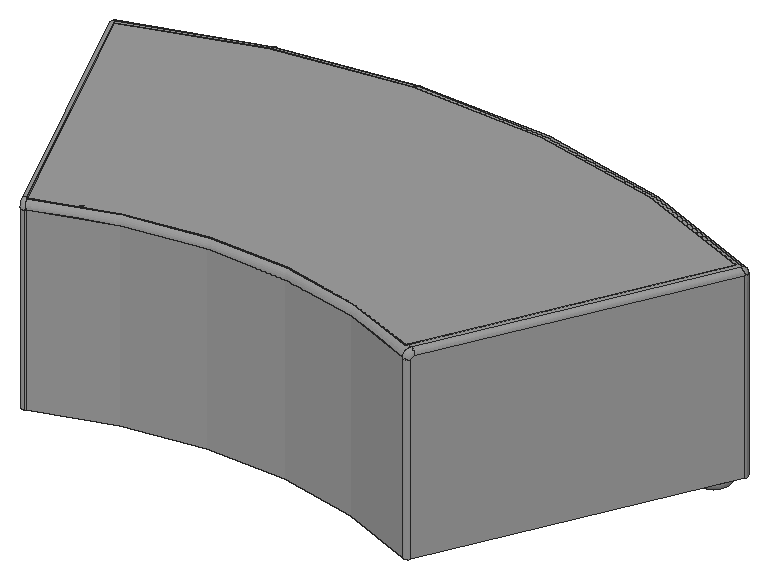
Revit family "LN-LG-3072IC-NB", category Furniture, Revit 2021
Family settings
  OmniClass Number = 23.40.20.00
  OmniClass Title = General Furniture and Specialties
  Work Plane-Based = No
  Always vertical = Yes
  Cut with Voids When Loaded = No
  Shared = No
  Room Calculation Point = No
Parameters (values of type "LN-LG-3072IC-NB")
  SEAT [instance] = Fabric
  Power [instance] = Stool, Plastic, White
  PR = no
  HS Seat Count = 1
  ES Seat Count = 1
  BASE [instance] = Rubber, Black
  BACK [instance] = Fabric
  W = 3' - 0"
  SEAT TOP [instance] = Fabric
  PL = no
  Model = "LN-LG-3072IC-NB"
  MS-HS Book Volume Ct = 0
  ES Book Volume Ct = 0
  Default Elevation = 0' - 0"
  D = 2' - 6"
Types (3): name | PR | PL | Model
  LN-LG-3072IC-NB-PR | yes | no | "LN-LG-3072IC-NB-PR"
  LN-LG-3072IC-NB | no | no | "LN-LG-3072IC-NB"
  LN-LG-3072IC-NB-PL | no | yes | "LN-LG-3072IC-NB-PL"
Reference planes (in)
  plane 1 "Center Front/Back": y = 0
  plane 2: z = 0
  plane 3 "E": x = 0
  plane 4: z = 30
  plane 5: z = 4
  plane 6: z = 29
  plane 7: z = 5
  plane 8: z = 19
  plane 9: z = 18.5
  plane 10: z = 19.5
  plane 11: z = 10
  plane 12: z = 1
  plane 13: z = 12
  plane 14: z = 8
  plane 15 "H": y = 0
  plane 16: y = -29
  plane 17: y = -10
  plane 18: y = -72
  plane 19: through (0, -72, 48) normal (-0.9063, 0.4226, 0)
  plane 20: through (0, -72, 48) normal (-0.9063, -0.4226, 0)
Forms (in)
  Sweep 1, solid, material "Fabric" <- "SEAT"
    path in 3D
      loop
        line (-30.88167, -6.95715, 0) -> (-30.42851, -6.74584, 0)
        arc (-30.42851, -6.74584, 0) -> (0, 0, 0) -> (30.42851, -6.74584, 0) r 72
        line (30.42851, -6.74584, 0) -> (30.88167, -6.95715, 0)
    profile origin (0, 0, 0) x (0, 1, 0) y (0, 0, 1)
      loop
        line (-29, 1) -> (0, 1) -> (0, 18.49)
        arc (0, 18.49) -> (-0.14938, 18.85062) -> (-0.51, 19) r 0.51
        line (-0.51, 19) -> (-28.25, 19)
        arc (-28.25, 19) -> (-28.78033, 18.78033) -> (-29, 18.25) r 0.75
        line (-29, 18.25) -> (-29, 1)
  Sweep 2, void
    path in 3D
      loop
        line (30.88167, -6.95715, 1) -> (30.88167, -6.95715, 18.49)
        arc (30.88167, -6.95715, 18.49) -> (30.81854, -7.09253, 18.85062) -> (30.66613, -7.41937, 19) r 0.51
        line (30.66613, -7.41937, 19) -> (18.9427, -32.56034, 19)
        arc (18.9427, -32.56034, 19) -> (18.71858, -33.04099, 18.78033) -> (18.62574, -33.24007, 18.25) r 0.75
        line (18.62574, -33.24007, 18.25) -> (18.62574, -33.24007, 1)
    profile origin (18.62574, -33.24007, 9.625) x (0.906308, -0.422618, 0) y (0.422618, 0.906308, 0)
      loop
        line (-0.49, 0) -> (0, 0) -> (0, 0.49)
        arc (0, 0.49) -> (-0.14352, 0.14352) -> (-0.49, 0) r 0.49
  Sweep 3, void
    path in 3D
      loop
        line (-18.62574, -33.24007, 1) -> (-18.62574, -33.24007, 18.25)
        arc (-18.62574, -33.24007, 18.25) -> (-18.71858, -33.04099, 18.78033) -> (-18.9427, -32.56034, 19) r 0.75
        line (-18.9427, -32.56034, 19) -> (-30.66613, -7.41937, 19)
        arc (-30.66613, -7.41937, 19) -> (-30.81854, -7.09253, 18.85062) -> (-30.88167, -6.95715, 18.49) r 0.51
        line (-30.88167, -6.95715, 18.49) -> (-30.88167, -6.95715, 1)
    profile origin (-30.88167, -6.95715, 9.745) x (-0.906308, -0.422618, 0) y (0.422618, -0.906308, 0)
      loop
        line (-0.49, 0) -> (0, 0) -> (0, 0.49)
        arc (0, 0.49) -> (-0.14352, 0.14352) -> (-0.49, 0) r 0.49
  Extrusion 4, solid, material "Stool, Plastic, White" <- "Power", visible <- "PR"
    sketch origin (-19.8088, -31.29455, 0) x (-0.422618, 0.906308, 0) y (0, 0, -1)
      loop
        line (10, -12) -> (10, -8) -> (5.5, -8) -> (5.5, -12) -> (10, -12)
    from 0 to -0.25
  Revolve 5, solid, material "Default New Material"
    sketch origin (-35.9314, -1.59016, 0) x (-0.764614, 0.644488, 0) y (0, 0, 1)
      loop
        line (-10, -0.00398) -> (-9.25, -0.00398)
        arc (-9.25, -0.00398) -> (-8.71967, 0.21569) -> (-8.5, 0.74602) r 0.75
        line (-8.5, 0.74602) -> (-8.5, 1) -> (-10, 1) -> (-10, -0.00398)
      axis (-10, -0.00398) -> (-10, 1)
    angle from 0 to 360
  Extrusion 6, void
    sketch origin (0, 0, 0) x (1, 0, 0) y (0, 1, 0)
      loop
        line (-30.11155, -7.42557) -> (-18.38389, -32.57561)
        arc (-18.38389, -32.57561) -> (-0.25, -28.50072) -> (17.92953, -32.36691) r 43.5
        line (17.92953, -32.36691) -> (29.65766, -7.21585)
        arc (29.65766, -7.21585) -> (-0.25, -0.75044) -> (-30.11155, -7.42557) r 71.25
    from 18.5 to 19
  Revolve 7, solid, material "Default New Material"
    sketch origin (-25.03563, -22.97432, 0) x (-0.764614, 0.644488, 0) y (0, 0, 1)
      loop
        line (-10, -0.00398) -> (-9.25, -0.00398)
        arc (-9.25, -0.00398) -> (-8.71967, 0.21569) -> (-8.5, 0.74602) r 0.75
        line (-8.5, 0.74602) -> (-8.5, 1) -> (-10, 1) -> (-10, -0.00398)
      axis (-10, -0.00398) -> (-10, 1)
    angle from 0 to 360
  Revolve 8, solid, material "Default New Material"
    sketch origin (35.9314, -1.59016, 0) x (0.764614, 0.644488, 0) y (0, 0, -1)
      loop
        line (-10, 0.00398) -> (-10, -1) -> (-8.5, -1) -> (-8.5, -0.74602)
        arc (-8.5, -0.74602) -> (-8.71967, -0.21569) -> (-9.25, 0.00398) r 0.75
        line (-9.25, 0.00398) -> (-10, 0.00398)
      axis (-10, 0.00398) -> (-10, -1)
    angle from 0 to 360
  Revolve 9, solid, material "Default New Material"
    sketch origin (25.03563, -22.97432, 0) x (0.764614, 0.644488, 0) y (0, 0, -1)
      loop
        line (-10, 0.00398) -> (-10, -1) -> (-8.5, -1) -> (-8.5, -0.74602)
        arc (-8.5, -0.74602) -> (-8.71967, -0.21569) -> (-9.25, 0.00398) r 0.75
        line (-9.25, 0.00398) -> (-10, 0.00398)
      axis (-10, 0.00398) -> (-10, -1)
    angle from 0 to 360
  Revolve 10, solid, material "Default New Material"
    sketch origin (7.37198, 3.44563, 0) x (0.764614, 0.644488, 0) y (0, 0, -1)
      loop
        line (-10, 0.00398) -> (-10, -1) -> (-8.5, -1) -> (-8.5, -0.74602)
        arc (-8.5, -0.74602) -> (-8.71967, -0.21569) -> (-9.25, 0.00398) r 0.75
        line (-9.25, 0.00398) -> (-10, 0.00398)
      axis (-10, 0.00398) -> (-10, -1)
    angle from 0 to 360
  Extrusion 11, solid, material "Fabric" <- "SEAT TOP"
    sketch origin (0, 0, 0) x (1, 0, 0) y (0, 1, 0)
      loop
        line (-30.11155, -7.42557) -> (-18.38389, -32.57561)
        arc (-18.38389, -32.57561) -> (-0.25, -28.50072) -> (17.92953, -32.36691) r 43.5
        line (17.92953, -32.36691) -> (29.65766, -7.21585)
        arc (29.65766, -7.21585) -> (-0.25, -0.75044) -> (-30.11155, -7.42557) r 71.25
    from 18.5 to 19
  Extrusion 12, solid, material "Stool, Plastic, White" <- "Power", visible <- "PL"
    sketch origin (19.8088, -31.29455, 0) x (0.422618, 0.906308, 0) y (0, 0, 1)
      loop
        line (10, 12) -> (5.5, 12) -> (5.5, 8) -> (10, 8) -> (10, 12)
    from 0 to -0.25
Cuts and joins
  Sweep 2, Sweep 3, Extrusion 6 cuts Sweep 1
Lines and regions (in)
  sketch lines
    curve 1: arc (-30.42851, -6.74584, 0) -> (0, 0, 0) -> (30.42851, -6.74584, 0) r 72
    curve 2: line (30.42851, -6.74584, 0) -> (30.88167, -6.95715, 0)
    curve 3: line (-30.42851, -6.74584, 0) -> (-30.88167, -6.95715, 0)
    curve 4: line (18.62574, -33.24007, 18.25) -> (18.62574, -33.24007, 1)
    curve 5: arc (18.62574, -33.24007, 18.25) -> (18.71858, -33.04099, 18.78033) -> (18.9427, -32.56034, 19) r 0.75
    curve 6: line (30.66613, -7.41937, 19) -> (18.9427, -32.56034, 19)
    curve 7: arc (30.66613, -7.41937, 19) -> (30.81854, -7.09253, 18.85062) -> (30.88167, -6.95715, 18.49) r 0.51
    curve 8: line (30.88167, -6.95715, 1) -> (30.88167, -6.95715, 18.49)
    curve 9: line (-30.88167, -6.95715, 18.49) -> (-30.88167, -6.95715, 1)
    curve 10: arc (-30.88167, -6.95715, 18.49) -> (-30.81854, -7.09253, 18.85062) -> (-30.66613, -7.41937, 19) r 0.51
    curve 11: line (-18.9427, -32.56034, 19) -> (-30.66613, -7.41937, 19)
    curve 12: arc (-18.9427, -32.56034, 19) -> (-18.71858, -33.04099, 18.78033) -> (-18.62574, -33.24007, 18.25) r 0.75
    curve 13: line (-18.62574, -33.24007, 1) -> (-18.62574, -33.24007, 18.25)
Dimensions and locks (in)
  plane 4 to level = 2' - 6"  (x2)
  plane 5 to level = 0' - 4"
  locked: plane 4 to plane 6 at 1
  locked: plane 7 to plane 5 at 1
  level to plane 8 to plane 4 = 1' - 7" locked, 0' - 11" locked
  locked: plane 9 to plane 8 at 0.5
  locked: plane 9 to plane 10 at 1
  equal spacing: plane 12, plane 11, plane 8
  plane 14 to plane 13 to plane 8 = 0' - 4" locked, 0' - 7" locked
  locked: plane 17 to plane 15 "H" at 10
  plane 18 to plane 15 "H" = 6' - 0"
  angle plane 3 "E" to plane 20 = 25.00°
  angle plane 19 to plane 3 "E" = 25.00°
  aligned and locked: level to plane 2
Automatic sketch dimensions
  Sweep 1 sketch curve to profile plane = 0' - 0"
  profile plane to Sweep 1 sketch curve = 0' - 0.51"
  Sweep 1 sketch curve to Sweep 1 sketch curve = 2' - 3.74"
  profile plane to Sweep 1 sketch curve = 0' - 1"
  Sweep 1 sketch curve to Sweep 1 sketch curve = 0' - 0 3/4"
  Sweep 1 sketch curve to Sweep 1 sketch curve = 1' - 5 1/4"
  profile plane to Sweep 2 sketch curve = 0' - 0"  (x2)
  Sweep 2 sketch curve to profile plane = 0' - 0.49"
  Sweep 3 sketch curve to profile plane = 0' - 0"
  profile plane to Sweep 3 sketch curve = 0' - 0"
  Sweep 3 sketch curve to Sweep 3 sketch curve = 0' - 0.49"
  plane 13 to Extrusion 4 sketch curve = 0' - 0"
  Extrusion 4 sketch curve to plane 14 = 0' - 0"
  Extrusion 4 sketch curve to Extrusion 4 sketch curve = 0' - 4 1/2"
  level to Revolve 5 sketch curve = 0' - 0"
  Revolve 5 sketch curve to plane 12 = 0' - 0"  (x2)
  Revolve 5 sketch curve to level = 0' - 0.00398"
  plane 12 to Revolve 5 sketch curve = 0' - 0.25398"
  Revolve 5 sketch curve to Revolve 5 sketch curve = 0' - 0 3/4"
  Revolve 5 sketch curve to Revolve 5 sketch curve = 0' - 0"
  Extrusion 6 sketch curve to Extrusion 6 sketch curve = 0' - 0"  (x2)
  plane 20 to Extrusion 6 sketch curve = 0' - 0"  (x2)
  Extrusion 6 sketch curve to plane 3 "E" = 0' - 0"
  Extrusion 6 sketch curve to plane 18 = 0' - 0"
  plane 16 to Extrusion 6 sketch curve = 0' - 3.57561"
  Extrusion 6 sketch curve to plane 17 = 0' - 2.57443"
  plane 16 to Extrusion 6 sketch curve = 0' - 3.36691"
  Extrusion 6 sketch curve to plane 17 = 0' - 2.78415"
  level to Revolve 7 sketch curve = 0' - 0"
  Revolve 7 sketch curve to plane 12 = 0' - 0"  (x2)
  Revolve 7 sketch curve to level = 0' - 0.00398"
  plane 12 to Revolve 7 sketch curve = 0' - 0.25398"
  Revolve 7 sketch curve to Revolve 7 sketch curve = 0' - 0 3/4"
  Revolve 7 sketch curve to Revolve 7 sketch curve = 0' - 0"
  level to Revolve 8 sketch curve = 0' - 0"
  Revolve 8 sketch curve to plane 12 = 0' - 0"  (x2)
  Revolve 8 sketch curve to level = 0' - 0.00398"
  plane 12 to Revolve 8 sketch curve = 0' - 0.25398"
  Revolve 8 sketch curve to Revolve 8 sketch curve = 0' - 0 3/4"
  Revolve 8 sketch curve to Revolve 8 sketch curve = 0' - 0"
  level to Revolve 9 sketch curve = 0' - 0"
  Revolve 9 sketch curve to plane 12 = 0' - 0"  (x2)
  Revolve 9 sketch curve to level = 0' - 0.00398"
  plane 12 to Revolve 9 sketch curve = 0' - 0.25398"
  Revolve 9 sketch curve to Revolve 9 sketch curve = 0' - 0 3/4"
  Revolve 9 sketch curve to Revolve 9 sketch curve = 0' - 0"
  level to Revolve 10 sketch curve = 0' - 0"
  Revolve 10 sketch curve to plane 12 = 0' - 0"  (x2)
  Revolve 10 sketch curve to level = 0' - 0.00398"
  plane 12 to Revolve 10 sketch curve = 0' - 0.25398"
  Revolve 10 sketch curve to Revolve 10 sketch curve = 0' - 0 3/4"
  Revolve 10 sketch curve to Revolve 10 sketch curve = 0' - 0"
  plane 13 to Extrusion 12 sketch curve = 0' - 0"
  Extrusion 12 sketch curve to plane 14 = 0' - 0"
  Extrusion 12 sketch curve to Extrusion 12 sketch curve = 0' - 4 1/2"
  Extrusion 11 sketch curve to Extrusion 11 sketch curve = 0' - 0"  (x2)
  plane 20 to Extrusion 11 sketch curve = 0' - 0"  (x2)
  Extrusion 11 sketch curve to plane 3 "E" = 0' - 0"
  Extrusion 11 sketch curve to plane 18 = 0' - 0"
  plane 16 to Extrusion 11 sketch curve = 0' - 3.57561"
  Extrusion 11 sketch curve to plane 17 = 0' - 2.57443"
  plane 16 to Extrusion 11 sketch curve = 0' - 3.36691"
  Extrusion 11 sketch curve to plane 17 = 0' - 2.78415"
